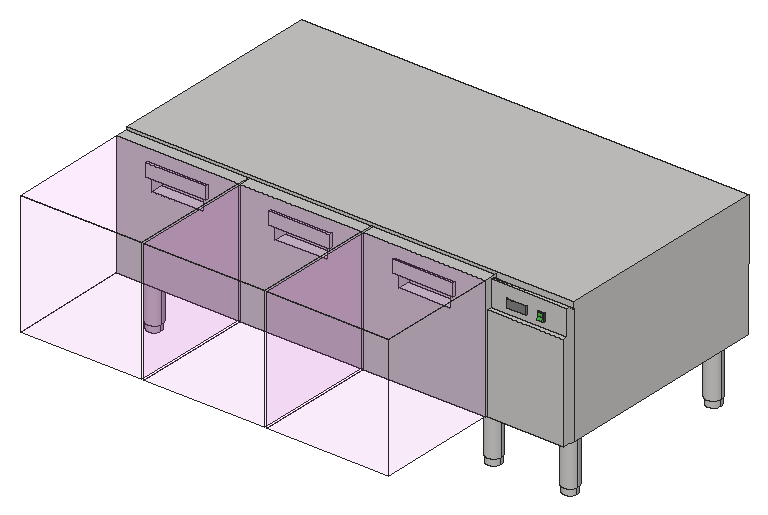
Revit family "QF_ELECTROLUXPROFESSIONAL_391604_E9TTAPCOMKN", category Specialty Equipment, Revit 2018
Family settings
  Round Connector Dimension = Use Diameter
  Part Type = Normal
  Work Plane-Based = No
  Always vertical = Yes
  Cut with Voids When Loaded = No
  Shared = No
  Room Calculation Point = No
Parameters
  Weight = 110.00 kg
  Watts = 0 W
  Volts = 0 V
  URL Manufacturer = ""
  URL = ""
  Steam Supply Size = 0 mm
  Steam Supply Minimum Pressure = 0.0 Pa
  Steam Supply Maximum Pressure = 0.0 Pa
  Steam Pounds per Hour = 0
  Refrigeration Suction Line Size = 0 mm
  Refrigeration Liquid Line Size = 0 mm
  Refrigerant Compressor Remote = yes
  Manufacturer = ""
  Phase = 0
  Model = ""
  Length Actual = 1600 mm  # constant formula
  Item Number = ""
  Hot Water Size = 0 mm
  Height Actual = 600 mm  # constant formula
  HP = "0.5 HP"
  Gas Size = 0 mm
  Gas KW = 0
  Gas Input Pressure = 0 W
  Direct Waste Size = 12.7 mm
  Description = ""
  Depth Actual = 830 mm  # constant formula
  Cycle = 0 Hz
  Condensate Return Size = 0 mm
  Compressed Air Volume = 0.0 L/s
  Compressed Air Size = 0 mm
  Compressed Air Pressure = 0.0 Pa
  Cold Water Size = 0 mm
  Accessory = yes
Reference planes
  plane 1 "Center X": y = 0
  plane 2: z = 0
  plane 3 "Centro (Sinistra/Destra)": x = 0
  plane 4: z = 200
  plane 5 "TOP": z = 650
  plane 6 "BACK": y = 450
  plane 7 "FRONT": y = -450
  plane 8 "LEFT": x = -800
  plane 9 "RIGHT": x = 800
  plane 10: y = -403
  plane 11: y = -448
  plane 12: x = -745
  plane 13: x = 745
  plane 14: x = 471
  plane 15: y = 292
  plane 16: y = -350
  plane 17: x = 286
  plane 18: x = -799
  plane 19: x = 799
  plane 20: y = 290
  plane 21: x = 760
  plane 22: y = 380
Forms (mm)
  Extrusion 1, solid, material "QF_Finishes_Stainless Steel"
    sketch origin (0, 0, 650) x (-1, 0, 0) y (0, -1, 0)
      loop
        line (799, -380) -> (799, 403) -> (-799, 403) -> (-799, -380) -> (799, -380)
    from -450 to 0
  Extrusion 2, solid, material "QF_Finishes_Stainless Steel"
    sketch origin (196, -342.999, 0) x (-1, 0, 0) y (0, 0, 1)
      loop
        line (995, 201.587) -> (995, 640.994) -> (560.999, 640.994) -> (560.999, 201.587) -> (995, 201.587)
      loop
        line (871.3, 506.706) -> (871.3, 585) -> (684.699, 585) -> (684.699, 506.706) -> (871.3, 506.706)
    from -105.001 to -60.001
  Extrusion 3, solid, material "QF_Door-Drawer Clearances"
    sketch origin (196, -448, 0) x (1, 0, 0) y (0, 0, 1)
      loop
        line (-995, 640.994) -> (-995, 201.587) -> (-560.999, 201.587) -> (-560.999, 640.994) -> (-995, 640.994)
    from 0 to 434
  Extrusion 4, solid, material "QF_Finishes_Stainless Steel"
    sketch origin (196, -448, 0) x (1, 0, 0) y (0, 0, 1)
      loop
        line (-886.3, 598.969) -> (-886.3, 553.969) -> (-669.699, 553.969) -> (-669.699, 598.969) -> (-886.3, 598.969)
    from 0 to 10
  Extrusion 5, solid, material "QF_Finishes_Stainless Steel"
    sketch origin (0, -30, 0) x (1, 0, 0) y (0, 1, 0)
      loop
        circle (760, 290) r 6
    from 189.987 to 200
  Extrusion 6, solid, material "QF_Finishes_Stainless Steel"
    sketch origin (799, -33.449, 0) x (0, 1, 0) y (0, 0, 1)
      loop
        line (-369.551, 629.527) -> (-386.314, 640.994) -> (-397.65, 640.994) -> (-397.65, 549.796) -> (-414.551, 549.796) -> (-414.551, 204.796) -> (-384.714, 204.796) -> (-374.993, 200) -> (-369.551, 200) -> (-369.551, 629.527)
    from 0 to -271
  Extrusion 7, solid, material "QF_Finishes_Black"
    sketch origin (783, -431.099, 630.994) x (0, 0, -1) y (1, 0, 0)
      loop
        line (32.198, -86.899) -> (61.199, -86.899) -> (61.199, -64.9) -> (32.198, -64.9) -> (32.198, -86.899)
    from 0 to 1.6
  Extrusion 8, solid, material "QF_Finishes_Grey"
    sketch origin (789, -431.099, 630.994) x (0, 0, -1) y (1, 0, 0)
      loop
        line (32.198, -206.099) -> (61.199, -206.099) -> (61.199, -136.099) -> (32.198, -136.099) -> (32.198, -206.099)
    from 0 to 1.6
  Extrusion 9, solid, material "QF_Finishes_Green"
    sketch origin (718.1, -431.099, 598.796) x (0, 0, -1) y (0, 1, 0)
      loop
        line (2.279, -3.281) -> (14.5, -3.281) -> (25.308, -8.985)
        arc (25.308, -8.985) -> (26.537, -5.394) -> (26.605, -1.6) r 12.221
        line (26.605, -1.6) -> (2.395, -1.6)
        arc (2.395, -1.6) -> (2.308, -2.439) -> (2.279, -3.281) r 12.221
    from -20 to -2
  Extrusion 10, solid, material "QF_Finishes_Stainless Steel"
    sketch origin (640.331, -442.999, 0) x (-1, 0, 0) y (0, 0, 1)
      loop
        line (997, 201.587) -> (997, 640.994) -> (563, 640.994) -> (563, 201.587) -> (997, 201.587)
      loop
        line (873.3, 506.706) -> (873.3, 585) -> (686.699, 585) -> (686.699, 506.706) -> (873.3, 506.706)
    from -5.001 to 39.999
  Extrusion 11, solid, material "QF_Door-Drawer Clearances"
    sketch origin (640.331, -448, 0) x (1, 0, 0) y (0, 0, 1)
      loop
        line (-997, 640.994) -> (-997, 201.587) -> (-563, 201.587) -> (-563, 640.994) -> (-997, 640.994)
    from 0 to 434
  Extrusion 12, solid, material "QF_Finishes_Stainless Steel"
    sketch origin (640.331, -448, 0) x (1, 0, 0) y (0, 0, 1)
      loop
        line (-888.3, 598.969) -> (-888.3, 553.969) -> (-671.699, 553.969) -> (-671.699, 598.969) -> (-888.3, 598.969)
    from 0 to 10
  Extrusion 13, solid, material "QF_Finishes_Stainless Steel"
    sketch origin (1073.161, -442.999, 0) x (-1, 0, 0) y (0, 0, 1)
      loop
        line (553.5, 201.587) -> (987.5, 201.587) -> (987.5, 640.994) -> (553.5, 640.994) -> (553.5, 201.587)
      loop
        line (863.8, 506.706) -> (863.8, 585) -> (677.199, 585) -> (677.199, 506.706) -> (863.8, 506.706)
    from -5.001 to 39.999
  Extrusion 14, solid, material "QF_Door-Drawer Clearances"
    sketch origin (1073.161, -448, 0) x (1, 0, 0) y (0, 0, 1)
      loop
        line (-553.5, 640.994) -> (-987.5, 640.994) -> (-987.5, 201.587) -> (-553.5, 201.587) -> (-553.5, 640.994)
    from 0 to 434
  Extrusion 15, solid, material "QF_Finishes_Stainless Steel"
    sketch origin (1073.161, -448, 0) x (1, 0, 0) y (0, 0, 1)
      loop
        line (-878.8, 598.969) -> (-878.8, 553.969) -> (-662.199, 553.969) -> (-662.199, 598.969) -> (-878.8, 598.969)
    from 0 to 10
Lines and regions (mm)
  Split face 1
    outline origin (789, -432.699, 630.994) x (0, 0, -1) y (1, 0, 0)
      loop
        line (37.198, -196.099) -> (52.198, -196.099) -> (52.198, -146.099) -> (37.198, -146.099) -> (37.198, -196.099)
  Split face 2
    outline origin (789, -432.699, 630.994) x (0, 0, -1) y (1, 0, 0)
      loop
        circle (44.698, -143.099) r 1.2
  Split face 3
    outline origin (789, -432.699, 630.994) x (0, 0, -1) y (1, 0, 0)
      loop
        circle (39.698, -143.099) r 1.2
  Split face 4
    outline origin (789, -432.699, 630.994) x (0, 0, -1) y (1, 0, 0)
      loop
        circle (49.698, -143.099) r 1.2
  Split face 5
    outline origin (789, -432.699, 630.994) x (0, 0, -1) y (1, 0, 0)
      loop
        circle (39.698, -199.099) r 1.2
  Split face 6
    outline origin (789, -432.699, 630.994) x (0, 0, -1) y (1, 0, 0)
      loop
        circle (44.698, -199.099) r 1.2
  Split face 7
    outline origin (789, -432.699, 630.994) x (0, 0, -1) y (1, 0, 0)
      loop
        circle (49.698, -199.099) r 1.2
  Split face 8
    outline origin (789, -432.699, 630.994) x (0, 0, -1) y (1, 0, 0)
      loop
        line (59.151, -196.099) -> (59.151, -185.099) -> (54.151, -185.099) -> (54.151, -196.099) -> (59.151, -196.099)
  Split face 9
    outline origin (789, -432.699, 630.994) x (0, 0, -1) y (1, 0, 0)
      loop
        line (54.151, -183.099) -> (59.151, -183.099) -> (59.151, -172.099) -> (54.151, -172.099) -> (54.151, -183.099)
  Split face 10
    outline origin (802, -432.699, 630.994) x (0, 0, -1) y (1, 0, 0)
      loop
        line (54.151, -183.099) -> (59.151, -183.099) -> (59.151, -172.099) -> (54.151, -172.099) -> (54.151, -183.099)
  Split face 11
    outline origin (815, -432.699, 630.994) x (0, 0, -1) y (1, 0, 0)
      loop
        line (54.151, -183.099) -> (59.151, -183.099) -> (59.151, -172.099) -> (54.151, -172.099) -> (54.151, -183.099)
  Split face 12
    outline origin (799, -448, 412.291) x (0, 0, -1) y (1, 0, 0)
      loop
        arc (-85.025, -240.599) -> (-81.004, -236.61) -> (-85.004, -232.599) r 4
        line (-85.004, -232.599) -> (-117.004, -232.599)
        arc (-117.004, -232.599) -> (-121.004, -236.61) -> (-116.984, -240.599) r 4
        line (-116.984, -240.599) -> (-85.025, -240.599)
  Split face 13
    outline origin (811, -448, 412.291) x (0, 0, -1) y (1, 0, 0)
      loop
        arc (-85.025, -240.599) -> (-81.004, -236.61) -> (-85.004, -232.599) r 4
        line (-85.004, -232.599) -> (-117.004, -232.599)
        arc (-117.004, -232.599) -> (-121.004, -236.61) -> (-116.984, -240.599) r 4
        line (-116.984, -240.599) -> (-85.025, -240.599)
  Split face 14
    outline origin (823, -448, 412.291) x (0, 0, -1) y (1, 0, 0)
      loop
        arc (-85.025, -240.599) -> (-81.004, -236.61) -> (-85.004, -232.599) r 4
        line (-85.004, -232.599) -> (-117.004, -232.599)
        arc (-117.004, -232.599) -> (-121.004, -236.61) -> (-116.984, -240.599) r 4
        line (-116.984, -240.599) -> (-85.025, -240.599)
  Split face 15
    outline origin (834.897, -448, 412.291) x (0, 0, -1) y (1, 0, 0)
      loop
        arc (-85.025, -240.599) -> (-81.004, -236.61) -> (-85.004, -232.599) r 4
        line (-85.004, -232.599) -> (-117.004, -232.599)
        arc (-117.004, -232.599) -> (-121.004, -236.61) -> (-116.984, -240.599) r 4
        line (-116.984, -240.599) -> (-85.025, -240.599)
  Split face 16
    outline origin (846.896, -448, 412.291) x (0, 0, -1) y (1, 0, 0)
      loop
        arc (-85.025, -240.599) -> (-81.004, -236.61) -> (-85.004, -232.599) r 4
        line (-85.004, -232.599) -> (-117.004, -232.599)
        arc (-117.004, -232.599) -> (-121.004, -236.61) -> (-116.984, -240.599) r 4
        line (-116.984, -240.599) -> (-85.025, -240.599)
  Split face 17
    outline origin (858.896, -448, 412.291) x (0, 0, -1) y (1, 0, 0)
      loop
        arc (-85.025, -240.599) -> (-81.004, -236.61) -> (-85.004, -232.599) r 4
        line (-85.004, -232.599) -> (-117.004, -232.599)
        arc (-117.004, -232.599) -> (-121.004, -236.61) -> (-116.984, -240.599) r 4
        line (-116.984, -240.599) -> (-85.025, -240.599)
  Split face 18
    outline origin (870.896, -448, 412.291) x (0, 0, -1) y (1, 0, 0)
      loop
        arc (-85.025, -240.599) -> (-81.004, -236.61) -> (-85.004, -232.599) r 4
        line (-85.004, -232.599) -> (-117.004, -232.599)
        arc (-117.004, -232.599) -> (-121.004, -236.61) -> (-116.984, -240.599) r 4
        line (-116.984, -240.599) -> (-85.025, -240.599)
  Split face 19
    outline origin (882.897, -448, 412.291) x (0, 0, -1) y (1, 0, 0)
      loop
        arc (-85.025, -240.599) -> (-81.004, -236.61) -> (-85.004, -232.599) r 4
        line (-85.004, -232.599) -> (-117.004, -232.599)
        arc (-117.004, -232.599) -> (-121.004, -236.61) -> (-116.984, -240.599) r 4
        line (-116.984, -240.599) -> (-85.025, -240.599)
  Split face 20
    outline origin (894.896, -448, 412.291) x (0, 0, -1) y (1, 0, 0)
      loop
        arc (-85.025, -240.599) -> (-81.004, -236.61) -> (-85.004, -232.599) r 4
        line (-85.004, -232.599) -> (-117.004, -232.599)
        arc (-117.004, -232.599) -> (-121.004, -236.61) -> (-116.984, -240.599) r 4
        line (-116.984, -240.599) -> (-85.025, -240.599)
  Split face 21
    outline origin (906.896, -448, 412.291) x (0, 0, -1) y (1, 0, 0)
      loop
        arc (-85.025, -242.399) -> (-81.004, -238.41) -> (-85.004, -234.4) r 4
        line (-85.004, -234.4) -> (-117.004, -234.4)
        arc (-117.004, -234.4) -> (-121.004, -238.41) -> (-116.984, -242.399) r 4
        line (-116.984, -242.399) -> (-85.025, -242.399)
  Split face 22
    outline origin (918.896, -448, 412.291) x (0, 0, -1) y (1, 0, 0)
      loop
        arc (-85.025, -242.399) -> (-81.004, -238.41) -> (-85.004, -234.4) r 4
        line (-85.004, -234.4) -> (-117.004, -234.4)
        arc (-117.004, -234.4) -> (-121.004, -238.41) -> (-116.984, -242.399) r 4
        line (-116.984, -242.399) -> (-85.025, -242.399)
  Split face 23
    outline origin (930.896, -448, 412.291) x (0, 0, -1) y (1, 0, 0)
      loop
        arc (-85.025, -242.399) -> (-81.004, -238.41) -> (-85.004, -234.4) r 4
        line (-85.004, -234.4) -> (-117.004, -234.4)
        arc (-117.004, -234.4) -> (-121.004, -238.41) -> (-116.984, -242.399) r 4
        line (-116.984, -242.399) -> (-85.025, -242.399)
  Split face 24
    outline origin (942.896, -448, 412.291) x (0, 0, -1) y (1, 0, 0)
      loop
        arc (-85.025, -242.399) -> (-81.004, -238.41) -> (-85.004, -234.4) r 4
        line (-85.004, -234.4) -> (-117.004, -234.4)
        arc (-117.004, -234.4) -> (-121.004, -238.41) -> (-116.984, -242.399) r 4
        line (-116.984, -242.399) -> (-85.025, -242.399)
  Split face 25
    outline origin (954.896, -448, 412.291) x (0, 0, -1) y (1, 0, 0)
      loop
        arc (-85.025, -242.399) -> (-81.004, -238.41) -> (-85.004, -234.4) r 4
        line (-85.004, -234.4) -> (-117.004, -234.4)
        arc (-117.004, -234.4) -> (-121.004, -238.41) -> (-116.984, -242.399) r 4
        line (-116.984, -242.399) -> (-85.025, -242.399)
  Split face 26
    outline origin (966.896, -448, 412.291) x (0, 0, -1) y (1, 0, 0)
      loop
        arc (-85.025, -242.399) -> (-81.004, -238.41) -> (-85.004, -234.4) r 4
        line (-85.004, -234.4) -> (-117.004, -234.4)
        arc (-117.004, -234.4) -> (-121.004, -238.41) -> (-116.984, -242.399) r 4
        line (-116.984, -242.399) -> (-85.025, -242.399)
  Split face 27
    outline origin (978.896, -448, 412.291) x (0, 0, -1) y (1, 0, 0)
      loop
        arc (-85.025, -242.399) -> (-81.004, -238.41) -> (-85.004, -234.4) r 4
        line (-85.004, -234.4) -> (-117.004, -234.4)
        arc (-117.004, -234.4) -> (-121.004, -238.41) -> (-116.984, -242.399) r 4
        line (-116.984, -242.399) -> (-85.025, -242.399)
  Split face 28
    outline origin (990.896, -448, 412.291) x (0, 0, -1) y (1, 0, 0)
      loop
        arc (-85.025, -242.399) -> (-81.004, -238.41) -> (-85.004, -234.4) r 4
        line (-85.004, -234.4) -> (-117.004, -234.4)
        arc (-117.004, -234.4) -> (-121.004, -238.41) -> (-116.984, -242.399) r 4
        line (-116.984, -242.399) -> (-85.025, -242.399)
  Split face 29
    outline origin (1002.896, -448, 412.291) x (0, 0, -1) y (1, 0, 0)
      loop
        arc (-85.025, -242.399) -> (-81.004, -238.41) -> (-85.004, -234.4) r 4
        line (-85.004, -234.4) -> (-117.004, -234.4)
        arc (-117.004, -234.4) -> (-121.004, -238.41) -> (-116.984, -242.399) r 4
        line (-116.984, -242.399) -> (-85.025, -242.399)
  Split face 30
    outline origin (1014.896, -448, 412.291) x (0, 0, -1) y (1, 0, 0)
      loop
        arc (-85.025, -242.399) -> (-81.004, -238.41) -> (-85.004, -234.4) r 4
        line (-85.004, -234.4) -> (-117.004, -234.4)
        arc (-117.004, -234.4) -> (-121.004, -238.41) -> (-116.984, -242.399) r 4
        line (-116.984, -242.399) -> (-85.025, -242.399)
  Split face 31
    outline origin (787, -448, 412.291) x (0, 0, -1) y (1, 0, 0)
      loop
        arc (-85.025, -240.599) -> (-81.004, -236.61) -> (-85.004, -232.599) r 4
        line (-85.004, -232.599) -> (-117.004, -232.599)
        arc (-117.004, -232.599) -> (-121.004, -236.61) -> (-116.984, -240.599) r 4
        line (-116.984, -240.599) -> (-85.025, -240.599)
  Split face 32
    outline origin (799, -448, 367.29) x (0, 0, -1) y (1, 0, 0)
      loop
        arc (-85.025, -240.599) -> (-81.004, -236.61) -> (-85.004, -232.599) r 4
        line (-85.004, -232.599) -> (-117.004, -232.599)
        arc (-117.004, -232.599) -> (-121.004, -236.61) -> (-116.984, -240.599) r 4
        line (-116.984, -240.599) -> (-85.025, -240.599)
  Split face 33
    outline origin (811, -448, 367.29) x (0, 0, -1) y (1, 0, 0)
      loop
        arc (-85.025, -240.599) -> (-81.004, -236.61) -> (-85.004, -232.599) r 4
        line (-85.004, -232.599) -> (-117.004, -232.599)
        arc (-117.004, -232.599) -> (-121.004, -236.61) -> (-116.984, -240.599) r 4
        line (-116.984, -240.599) -> (-85.025, -240.599)
  Split face 34
    outline origin (823, -448, 367.29) x (0, 0, -1) y (1, 0, 0)
      loop
        arc (-85.025, -240.599) -> (-81.004, -236.61) -> (-85.004, -232.599) r 4
        line (-85.004, -232.599) -> (-117.004, -232.599)
        arc (-117.004, -232.599) -> (-121.004, -236.61) -> (-116.984, -240.599) r 4
        line (-116.984, -240.599) -> (-85.025, -240.599)
  Split face 35
    outline origin (834.897, -448, 367.29) x (0, 0, -1) y (1, 0, 0)
      loop
        arc (-85.025, -240.599) -> (-81.004, -236.61) -> (-85.004, -232.599) r 4
        line (-85.004, -232.599) -> (-117.004, -232.599)
        arc (-117.004, -232.599) -> (-121.004, -236.61) -> (-116.984, -240.599) r 4
        line (-116.984, -240.599) -> (-85.025, -240.599)
  Split face 36
    outline origin (846.896, -448, 367.29) x (0, 0, -1) y (1, 0, 0)
      loop
        arc (-85.025, -240.599) -> (-81.004, -236.61) -> (-85.004, -232.599) r 4
        line (-85.004, -232.599) -> (-117.004, -232.599)
        arc (-117.004, -232.599) -> (-121.004, -236.61) -> (-116.984, -240.599) r 4
        line (-116.984, -240.599) -> (-85.025, -240.599)
  Split face 37
    outline origin (858.896, -448, 367.29) x (0, 0, -1) y (1, 0, 0)
      loop
        arc (-85.025, -240.599) -> (-81.004, -236.61) -> (-85.004, -232.599) r 4
        line (-85.004, -232.599) -> (-117.004, -232.599)
        arc (-117.004, -232.599) -> (-121.004, -236.61) -> (-116.984, -240.599) r 4
        line (-116.984, -240.599) -> (-85.025, -240.599)
  Split face 38
    outline origin (870.896, -448, 367.29) x (0, 0, -1) y (1, 0, 0)
      loop
        arc (-85.025, -240.599) -> (-81.004, -236.61) -> (-85.004, -232.599) r 4
        line (-85.004, -232.599) -> (-117.004, -232.599)
        arc (-117.004, -232.599) -> (-121.004, -236.61) -> (-116.984, -240.599) r 4
        line (-116.984, -240.599) -> (-85.025, -240.599)
  Split face 39
    outline origin (882.897, -448, 367.29) x (0, 0, -1) y (1, 0, 0)
      loop
        arc (-85.025, -240.599) -> (-81.004, -236.61) -> (-85.004, -232.599) r 4
        line (-85.004, -232.599) -> (-117.004, -232.599)
        arc (-117.004, -232.599) -> (-121.004, -236.61) -> (-116.984, -240.599) r 4
        line (-116.984, -240.599) -> (-85.025, -240.599)
  Split face 40
    outline origin (894.896, -448, 367.29) x (0, 0, -1) y (1, 0, 0)
      loop
        arc (-85.025, -240.599) -> (-81.004, -236.61) -> (-85.004, -232.599) r 4
        line (-85.004, -232.599) -> (-117.004, -232.599)
        arc (-117.004, -232.599) -> (-121.004, -236.61) -> (-116.984, -240.599) r 4
        line (-116.984, -240.599) -> (-85.025, -240.599)
  Split face 41
    outline origin (906.896, -448, 367.29) x (0, 0, -1) y (1, 0, 0)
      loop
        arc (-85.025, -242.399) -> (-81.004, -238.41) -> (-85.004, -234.4) r 4
        line (-85.004, -234.4) -> (-117.004, -234.4)
        arc (-117.004, -234.4) -> (-121.004, -238.41) -> (-116.984, -242.399) r 4
        line (-116.984, -242.399) -> (-85.025, -242.399)
  Split face 42
    outline origin (918.896, -448, 367.29) x (0, 0, -1) y (1, 0, 0)
      loop
        arc (-85.025, -242.399) -> (-81.004, -238.41) -> (-85.004, -234.4) r 4
        line (-85.004, -234.4) -> (-117.004, -234.4)
        arc (-117.004, -234.4) -> (-121.004, -238.41) -> (-116.984, -242.399) r 4
        line (-116.984, -242.399) -> (-85.025, -242.399)
  Split face 43
    outline origin (930.896, -448, 367.29) x (0, 0, -1) y (1, 0, 0)
      loop
        arc (-85.025, -242.399) -> (-81.004, -238.41) -> (-85.004, -234.4) r 4
        line (-85.004, -234.4) -> (-117.004, -234.4)
        arc (-117.004, -234.4) -> (-121.004, -238.41) -> (-116.984, -242.399) r 4
        line (-116.984, -242.399) -> (-85.025, -242.399)
  Split face 44
    outline origin (942.896, -448, 367.29) x (0, 0, -1) y (1, 0, 0)
      loop
        arc (-85.025, -242.399) -> (-81.004, -238.41) -> (-85.004, -234.4) r 4
        line (-85.004, -234.4) -> (-117.004, -234.4)
        arc (-117.004, -234.4) -> (-121.004, -238.41) -> (-116.984, -242.399) r 4
        line (-116.984, -242.399) -> (-85.025, -242.399)
  Split face 45
    outline origin (954.896, -448, 367.29) x (0, 0, -1) y (1, 0, 0)
      loop
        arc (-85.025, -242.399) -> (-81.004, -238.41) -> (-85.004, -234.4) r 4
        line (-85.004, -234.4) -> (-117.004, -234.4)
        arc (-117.004, -234.4) -> (-121.004, -238.41) -> (-116.984, -242.399) r 4
        line (-116.984, -242.399) -> (-85.025, -242.399)
  Split face 46
    outline origin (966.896, -448, 367.29) x (0, 0, -1) y (1, 0, 0)
      loop
        arc (-85.025, -242.399) -> (-81.004, -238.41) -> (-85.004, -234.4) r 4
        line (-85.004, -234.4) -> (-117.004, -234.4)
        arc (-117.004, -234.4) -> (-121.004, -238.41) -> (-116.984, -242.399) r 4
        line (-116.984, -242.399) -> (-85.025, -242.399)
  Split face 47
    outline origin (978.896, -448, 367.29) x (0, 0, -1) y (1, 0, 0)
      loop
        arc (-85.025, -242.399) -> (-81.004, -238.41) -> (-85.004, -234.4) r 4
        line (-85.004, -234.4) -> (-117.004, -234.4)
        arc (-117.004, -234.4) -> (-121.004, -238.41) -> (-116.984, -242.399) r 4
        line (-116.984, -242.399) -> (-85.025, -242.399)
  Split face 48
    outline origin (990.896, -448, 367.29) x (0, 0, -1) y (1, 0, 0)
      loop
        arc (-85.025, -242.399) -> (-81.004, -238.41) -> (-85.004, -234.4) r 4
        line (-85.004, -234.4) -> (-117.004, -234.4)
        arc (-117.004, -234.4) -> (-121.004, -238.41) -> (-116.984, -242.399) r 4
        line (-116.984, -242.399) -> (-85.025, -242.399)
  Split face 49
    outline origin (1002.896, -448, 367.29) x (0, 0, -1) y (1, 0, 0)
      loop
        arc (-85.025, -242.399) -> (-81.004, -238.41) -> (-85.004, -234.4) r 4
        line (-85.004, -234.4) -> (-117.004, -234.4)
        arc (-117.004, -234.4) -> (-121.004, -238.41) -> (-116.984, -242.399) r 4
        line (-116.984, -242.399) -> (-85.025, -242.399)
  Split face 50
    outline origin (1014.896, -448, 367.29) x (0, 0, -1) y (1, 0, 0)
      loop
        arc (-85.025, -242.399) -> (-81.004, -238.41) -> (-85.004, -234.4) r 4
        line (-85.004, -234.4) -> (-117.004, -234.4)
        arc (-117.004, -234.4) -> (-121.004, -238.41) -> (-116.984, -242.399) r 4
        line (-116.984, -242.399) -> (-85.025, -242.399)
  Split face 51
    outline origin (787, -448, 367.29) x (0, 0, -1) y (1, 0, 0)
      loop
        arc (-85.025, -240.599) -> (-81.004, -236.61) -> (-85.004, -232.599) r 4
        line (-85.004, -232.599) -> (-117.004, -232.599)
        arc (-117.004, -232.599) -> (-121.004, -236.61) -> (-116.984, -240.599) r 4
        line (-116.984, -240.599) -> (-85.025, -240.599)
  Split face 52
    outline origin (799, -448, 322.29) x (0, 0, -1) y (1, 0, 0)
      loop
        arc (-85.025, -240.599) -> (-81.004, -236.61) -> (-85.004, -232.599) r 4
        line (-85.004, -232.599) -> (-117.004, -232.599)
        arc (-117.004, -232.599) -> (-121.004, -236.61) -> (-116.984, -240.599) r 4
        line (-116.984, -240.599) -> (-85.025, -240.599)
  Split face 53
    outline origin (811, -448, 322.29) x (0, 0, -1) y (1, 0, 0)
      loop
        arc (-85.025, -240.599) -> (-81.004, -236.61) -> (-85.004, -232.599) r 4
        line (-85.004, -232.599) -> (-117.004, -232.599)
        arc (-117.004, -232.599) -> (-121.004, -236.61) -> (-116.984, -240.599) r 4
        line (-116.984, -240.599) -> (-85.025, -240.599)
  Split face 54
    outline origin (823, -448, 322.29) x (0, 0, -1) y (1, 0, 0)
      loop
        arc (-85.025, -240.599) -> (-81.004, -236.61) -> (-85.004, -232.599) r 4
        line (-85.004, -232.599) -> (-117.004, -232.599)
        arc (-117.004, -232.599) -> (-121.004, -236.61) -> (-116.984, -240.599) r 4
        line (-116.984, -240.599) -> (-85.025, -240.599)
  Split face 55
    outline origin (834.897, -448, 322.29) x (0, 0, -1) y (1, 0, 0)
      loop
        arc (-85.025, -240.599) -> (-81.004, -236.61) -> (-85.004, -232.599) r 4
        line (-85.004, -232.599) -> (-117.004, -232.599)
        arc (-117.004, -232.599) -> (-121.004, -236.61) -> (-116.984, -240.599) r 4
        line (-116.984, -240.599) -> (-85.025, -240.599)
  Split face 56
    outline origin (846.896, -448, 322.29) x (0, 0, -1) y (1, 0, 0)
      loop
        arc (-85.025, -240.599) -> (-81.004, -236.61) -> (-85.004, -232.599) r 4
        line (-85.004, -232.599) -> (-117.004, -232.599)
        arc (-117.004, -232.599) -> (-121.004, -236.61) -> (-116.984, -240.599) r 4
        line (-116.984, -240.599) -> (-85.025, -240.599)
  Split face 57
    outline origin (858.896, -448, 322.29) x (0, 0, -1) y (1, 0, 0)
      loop
        arc (-85.025, -240.599) -> (-81.004, -236.61) -> (-85.004, -232.599) r 4
        line (-85.004, -232.599) -> (-117.004, -232.599)
        arc (-117.004, -232.599) -> (-121.004, -236.61) -> (-116.984, -240.599) r 4
        line (-116.984, -240.599) -> (-85.025, -240.599)
  Split face 58
    outline origin (870.896, -448, 322.29) x (0, 0, -1) y (1, 0, 0)
      loop
        arc (-85.025, -240.599) -> (-81.004, -236.61) -> (-85.004, -232.599) r 4
        line (-85.004, -232.599) -> (-117.004, -232.599)
        arc (-117.004, -232.599) -> (-121.004, -236.61) -> (-116.984, -240.599) r 4
        line (-116.984, -240.599) -> (-85.025, -240.599)
  Split face 59
    outline origin (882.897, -448, 322.29) x (0, 0, -1) y (1, 0, 0)
      loop
        arc (-85.025, -240.599) -> (-81.004, -236.61) -> (-85.004, -232.599) r 4
        line (-85.004, -232.599) -> (-117.004, -232.599)
        arc (-117.004, -232.599) -> (-121.004, -236.61) -> (-116.984, -240.599) r 4
        line (-116.984, -240.599) -> (-85.025, -240.599)
  Split face 60
    outline origin (894.896, -448, 322.29) x (0, 0, -1) y (1, 0, 0)
      loop
        arc (-85.025, -240.599) -> (-81.004, -236.61) -> (-85.004, -232.599) r 4
        line (-85.004, -232.599) -> (-117.004, -232.599)
        arc (-117.004, -232.599) -> (-121.004, -236.61) -> (-116.984, -240.599) r 4
        line (-116.984, -240.599) -> (-85.025, -240.599)
  Split face 61
    outline origin (906.896, -448, 322.29) x (0, 0, -1) y (1, 0, 0)
      loop
        arc (-85.025, -242.399) -> (-81.004, -238.41) -> (-85.004, -234.4) r 4
        line (-85.004, -234.4) -> (-117.004, -234.4)
        arc (-117.004, -234.4) -> (-121.004, -238.41) -> (-116.984, -242.399) r 4
        line (-116.984, -242.399) -> (-85.025, -242.399)
  Split face 62
    outline origin (918.896, -448, 322.29) x (0, 0, -1) y (1, 0, 0)
      loop
        arc (-85.025, -242.399) -> (-81.004, -238.41) -> (-85.004, -234.4) r 4
        line (-85.004, -234.4) -> (-117.004, -234.4)
        arc (-117.004, -234.4) -> (-121.004, -238.41) -> (-116.984, -242.399) r 4
        line (-116.984, -242.399) -> (-85.025, -242.399)
  Split face 63
    outline origin (930.896, -448, 322.29) x (0, 0, -1) y (1, 0, 0)
      loop
        arc (-85.025, -242.399) -> (-81.004, -238.41) -> (-85.004, -234.4) r 4
        line (-85.004, -234.4) -> (-117.004, -234.4)
        arc (-117.004, -234.4) -> (-121.004, -238.41) -> (-116.984, -242.399) r 4
        line (-116.984, -242.399) -> (-85.025, -242.399)
  Split face 64
    outline origin (942.896, -448, 322.29) x (0, 0, -1) y (1, 0, 0)
      loop
        arc (-85.025, -242.399) -> (-81.004, -238.41) -> (-85.004, -234.4) r 4
        line (-85.004, -234.4) -> (-117.004, -234.4)
        arc (-117.004, -234.4) -> (-121.004, -238.41) -> (-116.984, -242.399) r 4
        line (-116.984, -242.399) -> (-85.025, -242.399)
  Split face 65
    outline origin (954.896, -448, 322.29) x (0, 0, -1) y (1, 0, 0)
      loop
        arc (-85.025, -242.399) -> (-81.004, -238.41) -> (-85.004, -234.4) r 4
        line (-85.004, -234.4) -> (-117.004, -234.4)
        arc (-117.004, -234.4) -> (-121.004, -238.41) -> (-116.984, -242.399) r 4
        line (-116.984, -242.399) -> (-85.025, -242.399)
  Split face 66
    outline origin (966.896, -448, 322.29) x (0, 0, -1) y (1, 0, 0)
      loop
        arc (-85.025, -242.399) -> (-81.004, -238.41) -> (-85.004, -234.4) r 4
        line (-85.004, -234.4) -> (-117.004, -234.4)
        arc (-117.004, -234.4) -> (-121.004, -238.41) -> (-116.984, -242.399) r 4
        line (-116.984, -242.399) -> (-85.025, -242.399)
  Split face 67
    outline origin (978.896, -448, 322.29) x (0, 0, -1) y (1, 0, 0)
      loop
        arc (-85.025, -242.399) -> (-81.004, -238.41) -> (-85.004, -234.4) r 4
        line (-85.004, -234.4) -> (-117.004, -234.4)
        arc (-117.004, -234.4) -> (-121.004, -238.41) -> (-116.984, -242.399) r 4
        line (-116.984, -242.399) -> (-85.025, -242.399)
  Split face 68
    outline origin (990.896, -448, 322.29) x (0, 0, -1) y (1, 0, 0)
      loop
        arc (-85.025, -242.399) -> (-81.004, -238.41) -> (-85.004, -234.4) r 4
        line (-85.004, -234.4) -> (-117.004, -234.4)
        arc (-117.004, -234.4) -> (-121.004, -238.41) -> (-116.984, -242.399) r 4
        line (-116.984, -242.399) -> (-85.025, -242.399)
  Split face 69
    outline origin (1002.896, -448, 322.29) x (0, 0, -1) y (1, 0, 0)
      loop
        arc (-85.025, -242.399) -> (-81.004, -238.41) -> (-85.004, -234.4) r 4
        line (-85.004, -234.4) -> (-117.004, -234.4)
        arc (-117.004, -234.4) -> (-121.004, -238.41) -> (-116.984, -242.399) r 4
        line (-116.984, -242.399) -> (-85.025, -242.399)
  Split face 70
    outline origin (1014.896, -448, 322.29) x (0, 0, -1) y (1, 0, 0)
      loop
        arc (-85.025, -242.399) -> (-81.004, -238.41) -> (-85.004, -234.4) r 4
        line (-85.004, -234.4) -> (-117.004, -234.4)
        arc (-117.004, -234.4) -> (-121.004, -238.41) -> (-116.984, -242.399) r 4
        line (-116.984, -242.399) -> (-85.025, -242.399)
  Split face 71
    outline origin (787, -448, 322.29) x (0, 0, -1) y (1, 0, 0)
      loop
        arc (-85.025, -240.599) -> (-81.004, -236.61) -> (-85.004, -232.599) r 4
        line (-85.004, -232.599) -> (-117.004, -232.599)
        arc (-117.004, -232.599) -> (-121.004, -236.61) -> (-116.984, -240.599) r 4
        line (-116.984, -240.599) -> (-85.025, -240.599)
  Split face 72
    outline origin (799, -448, 277.29) x (0, 0, -1) y (1, 0, 0)
      loop
        arc (-85.025, -240.599) -> (-81.004, -236.61) -> (-85.004, -232.599) r 4
        line (-85.004, -232.599) -> (-117.004, -232.599)
        arc (-117.004, -232.599) -> (-121.004, -236.61) -> (-116.984, -240.599) r 4
        line (-116.984, -240.599) -> (-85.025, -240.599)
  Split face 73
    outline origin (811, -448, 277.29) x (0, 0, -1) y (1, 0, 0)
      loop
        arc (-85.025, -240.599) -> (-81.004, -236.61) -> (-85.004, -232.599) r 4
        line (-85.004, -232.599) -> (-117.004, -232.599)
        arc (-117.004, -232.599) -> (-121.004, -236.61) -> (-116.984, -240.599) r 4
        line (-116.984, -240.599) -> (-85.025, -240.599)
  Split face 74
    outline origin (823, -448, 277.29) x (0, 0, -1) y (1, 0, 0)
      loop
        arc (-85.025, -240.599) -> (-81.004, -236.61) -> (-85.004, -232.599) r 4
        line (-85.004, -232.599) -> (-117.004, -232.599)
        arc (-117.004, -232.599) -> (-121.004, -236.61) -> (-116.984, -240.599) r 4
        line (-116.984, -240.599) -> (-85.025, -240.599)
  Split face 75
    outline origin (834.897, -448, 277.29) x (0, 0, -1) y (1, 0, 0)
      loop
        arc (-85.025, -240.599) -> (-81.004, -236.61) -> (-85.004, -232.599) r 4
        line (-85.004, -232.599) -> (-117.004, -232.599)
        arc (-117.004, -232.599) -> (-121.004, -236.61) -> (-116.984, -240.599) r 4
        line (-116.984, -240.599) -> (-85.025, -240.599)
  Split face 76
    outline origin (846.896, -448, 277.29) x (0, 0, -1) y (1, 0, 0)
      loop
        arc (-85.025, -240.599) -> (-81.004, -236.61) -> (-85.004, -232.599) r 4
        line (-85.004, -232.599) -> (-117.004, -232.599)
        arc (-117.004, -232.599) -> (-121.004, -236.61) -> (-116.984, -240.599) r 4
        line (-116.984, -240.599) -> (-85.025, -240.599)
  Split face 77
    outline origin (858.896, -448, 277.29) x (0, 0, -1) y (1, 0, 0)
      loop
        arc (-85.025, -240.599) -> (-81.004, -236.61) -> (-85.004, -232.599) r 4
        line (-85.004, -232.599) -> (-117.004, -232.599)
        arc (-117.004, -232.599) -> (-121.004, -236.61) -> (-116.984, -240.599) r 4
        line (-116.984, -240.599) -> (-85.025, -240.599)
  Split face 78
    outline origin (870.896, -448, 277.29) x (0, 0, -1) y (1, 0, 0)
      loop
        arc (-85.025, -240.599) -> (-81.004, -236.61) -> (-85.004, -232.599) r 4
        line (-85.004, -232.599) -> (-117.004, -232.599)
        arc (-117.004, -232.599) -> (-121.004, -236.61) -> (-116.984, -240.599) r 4
        line (-116.984, -240.599) -> (-85.025, -240.599)
  Split face 79
    outline origin (882.897, -448, 277.29) x (0, 0, -1) y (1, 0, 0)
      loop
        arc (-85.025, -240.599) -> (-81.004, -236.61) -> (-85.004, -232.599) r 4
        line (-85.004, -232.599) -> (-117.004, -232.599)
        arc (-117.004, -232.599) -> (-121.004, -236.61) -> (-116.984, -240.599) r 4
        line (-116.984, -240.599) -> (-85.025, -240.599)
  Split face 80
    outline origin (894.896, -448, 277.29) x (0, 0, -1) y (1, 0, 0)
      loop
        arc (-85.025, -240.599) -> (-81.004, -236.61) -> (-85.004, -232.599) r 4
        line (-85.004, -232.599) -> (-117.004, -232.599)
        arc (-117.004, -232.599) -> (-121.004, -236.61) -> (-116.984, -240.599) r 4
        line (-116.984, -240.599) -> (-85.025, -240.599)
  Split face 81
    outline origin (906.896, -448, 277.29) x (0, 0, -1) y (1, 0, 0)
      loop
        arc (-85.025, -242.399) -> (-81.004, -238.41) -> (-85.004, -234.4) r 4
        line (-85.004, -234.4) -> (-117.004, -234.4)
        arc (-117.004, -234.4) -> (-121.004, -238.41) -> (-116.984, -242.399) r 4
        line (-116.984, -242.399) -> (-85.025, -242.399)
  Split face 82
    outline origin (918.896, -448, 277.29) x (0, 0, -1) y (1, 0, 0)
      loop
        arc (-85.025, -242.399) -> (-81.004, -238.41) -> (-85.004, -234.4) r 4
        line (-85.004, -234.4) -> (-117.004, -234.4)
        arc (-117.004, -234.4) -> (-121.004, -238.41) -> (-116.984, -242.399) r 4
        line (-116.984, -242.399) -> (-85.025, -242.399)
  Split face 83
    outline origin (930.896, -448, 277.29) x (0, 0, -1) y (1, 0, 0)
      loop
        arc (-85.025, -242.399) -> (-81.004, -238.41) -> (-85.004, -234.4) r 4
        line (-85.004, -234.4) -> (-117.004, -234.4)
        arc (-117.004, -234.4) -> (-121.004, -238.41) -> (-116.984, -242.399) r 4
        line (-116.984, -242.399) -> (-85.025, -242.399)
  Split face 84
    outline origin (942.896, -448, 277.29) x (0, 0, -1) y (1, 0, 0)
      loop
        arc (-85.025, -242.399) -> (-81.004, -238.41) -> (-85.004, -234.4) r 4
        line (-85.004, -234.4) -> (-117.004, -234.4)
        arc (-117.004, -234.4) -> (-121.004, -238.41) -> (-116.984, -242.399) r 4
        line (-116.984, -242.399) -> (-85.025, -242.399)
  Split face 85
    outline origin (954.896, -448, 277.29) x (0, 0, -1) y (1, 0, 0)
      loop
        arc (-85.025, -242.399) -> (-81.004, -238.41) -> (-85.004, -234.4) r 4
        line (-85.004, -234.4) -> (-117.004, -234.4)
        arc (-117.004, -234.4) -> (-121.004, -238.41) -> (-116.984, -242.399) r 4
        line (-116.984, -242.399) -> (-85.025, -242.399)
  Split face 86
    outline origin (966.896, -448, 277.29) x (0, 0, -1) y (1, 0, 0)
      loop
        arc (-85.025, -242.399) -> (-81.004, -238.41) -> (-85.004, -234.4) r 4
        line (-85.004, -234.4) -> (-117.004, -234.4)
        arc (-117.004, -234.4) -> (-121.004, -238.41) -> (-116.984, -242.399) r 4
        line (-116.984, -242.399) -> (-85.025, -242.399)
  Split face 87
    outline origin (978.896, -448, 277.29) x (0, 0, -1) y (1, 0, 0)
      loop
        arc (-85.025, -242.399) -> (-81.004, -238.41) -> (-85.004, -234.4) r 4
        line (-85.004, -234.4) -> (-117.004, -234.4)
        arc (-117.004, -234.4) -> (-121.004, -238.41) -> (-116.984, -242.399) r 4
        line (-116.984, -242.399) -> (-85.025, -242.399)
  Split face 88
    outline origin (990.896, -448, 277.29) x (0, 0, -1) y (1, 0, 0)
      loop
        arc (-85.025, -242.399) -> (-81.004, -238.41) -> (-85.004, -234.4) r 4
        line (-85.004, -234.4) -> (-117.004, -234.4)
        arc (-117.004, -234.4) -> (-121.004, -238.41) -> (-116.984, -242.399) r 4
        line (-116.984, -242.399) -> (-85.025, -242.399)
  Split face 89
    outline origin (1002.896, -448, 277.29) x (0, 0, -1) y (1, 0, 0)
      loop
        arc (-85.025, -242.399) -> (-81.004, -238.41) -> (-85.004, -234.4) r 4
        line (-85.004, -234.4) -> (-117.004, -234.4)
        arc (-117.004, -234.4) -> (-121.004, -238.41) -> (-116.984, -242.399) r 4
        line (-116.984, -242.399) -> (-85.025, -242.399)
  Split face 90
    outline origin (1014.896, -448, 277.29) x (0, 0, -1) y (1, 0, 0)
      loop
        arc (-85.025, -242.399) -> (-81.004, -238.41) -> (-85.004, -234.4) r 4
        line (-85.004, -234.4) -> (-117.004, -234.4)
        arc (-117.004, -234.4) -> (-121.004, -238.41) -> (-116.984, -242.399) r 4
        line (-116.984, -242.399) -> (-85.025, -242.399)
  Split face 91
    outline origin (787, -448, 277.29) x (0, 0, -1) y (1, 0, 0)
      loop
        arc (-85.025, -240.599) -> (-81.004, -236.61) -> (-85.004, -232.599) r 4
        line (-85.004, -232.599) -> (-117.004, -232.599)
        arc (-117.004, -232.599) -> (-121.004, -236.61) -> (-116.984, -240.599) r 4
        line (-116.984, -240.599) -> (-85.025, -240.599)
  Split face 92
    outline origin (799, -448, 232.29) x (0, 0, -1) y (1, 0, 0)
      loop
        arc (-85.025, -240.599) -> (-81.004, -236.61) -> (-85.004, -232.599) r 4
        line (-85.004, -232.599) -> (-117.004, -232.599)
        arc (-117.004, -232.599) -> (-121.004, -236.61) -> (-116.984, -240.599) r 4
        line (-116.984, -240.599) -> (-85.025, -240.599)
  Split face 93
    outline origin (811, -448, 232.29) x (0, 0, -1) y (1, 0, 0)
      loop
        arc (-85.025, -240.599) -> (-81.004, -236.61) -> (-85.004, -232.599) r 4
        line (-85.004, -232.599) -> (-117.004, -232.599)
        arc (-117.004, -232.599) -> (-121.004, -236.61) -> (-116.984, -240.599) r 4
        line (-116.984, -240.599) -> (-85.025, -240.599)
  Split face 94
    outline origin (823, -448, 232.29) x (0, 0, -1) y (1, 0, 0)
      loop
        arc (-85.025, -240.599) -> (-81.004, -236.61) -> (-85.004, -232.599) r 4
        line (-85.004, -232.599) -> (-117.004, -232.599)
        arc (-117.004, -232.599) -> (-121.004, -236.61) -> (-116.984, -240.599) r 4
        line (-116.984, -240.599) -> (-85.025, -240.599)
  Split face 95
    outline origin (834.897, -448, 232.29) x (0, 0, -1) y (1, 0, 0)
      loop
        arc (-85.025, -240.599) -> (-81.004, -236.61) -> (-85.004, -232.599) r 4
        line (-85.004, -232.599) -> (-117.004, -232.599)
        arc (-117.004, -232.599) -> (-121.004, -236.61) -> (-116.984, -240.599) r 4
        line (-116.984, -240.599) -> (-85.025, -240.599)
  Split face 96
    outline origin (846.896, -448, 232.29) x (0, 0, -1) y (1, 0, 0)
      loop
        arc (-85.025, -240.599) -> (-81.004, -236.61) -> (-85.004, -232.599) r 4
        line (-85.004, -232.599) -> (-117.004, -232.599)
        arc (-117.004, -232.599) -> (-121.004, -236.61) -> (-116.984, -240.599) r 4
        line (-116.984, -240.599) -> (-85.025, -240.599)
  Split face 97
    outline origin (858.896, -448, 232.29) x (0, 0, -1) y (1, 0, 0)
      loop
        arc (-85.025, -240.599) -> (-81.004, -236.61) -> (-85.004, -232.599) r 4
        line (-85.004, -232.599) -> (-117.004, -232.599)
        arc (-117.004, -232.599) -> (-121.004, -236.61) -> (-116.984, -240.599) r 4
        line (-116.984, -240.599) -> (-85.025, -240.599)
  Split face 98
    outline origin (870.896, -448, 232.29) x (0, 0, -1) y (1, 0, 0)
      loop
        arc (-85.025, -240.599) -> (-81.004, -236.61) -> (-85.004, -232.599) r 4
        line (-85.004, -232.599) -> (-117.004, -232.599)
        arc (-117.004, -232.599) -> (-121.004, -236.61) -> (-116.984, -240.599) r 4
        line (-116.984, -240.599) -> (-85.025, -240.599)
  Split face 99
    outline origin (882.897, -448, 232.29) x (0, 0, -1) y (1, 0, 0)
      loop
        arc (-85.025, -240.599) -> (-81.004, -236.61) -> (-85.004, -232.599) r 4
        line (-85.004, -232.599) -> (-117.004, -232.599)
        arc (-117.004, -232.599) -> (-121.004, -236.61) -> (-116.984, -240.599) r 4
        line (-116.984, -240.599) -> (-85.025, -240.599)
  Split face 100
    outline origin (894.896, -448, 232.29) x (0, 0, -1) y (1, 0, 0)
      loop
        arc (-85.025, -240.599) -> (-81.004, -236.61) -> (-85.004, -232.599) r 4
        line (-85.004, -232.599) -> (-117.004, -232.599)
        arc (-117.004, -232.599) -> (-121.004, -236.61) -> (-116.984, -240.599) r 4
        line (-116.984, -240.599) -> (-85.025, -240.599)
  Split face 101
    outline origin (906.896, -448, 232.29) x (0, 0, -1) y (1, 0, 0)
      loop
        arc (-85.025, -242.399) -> (-81.004, -238.41) -> (-85.004, -234.4) r 4
        line (-85.004, -234.4) -> (-117.004, -234.4)
        arc (-117.004, -234.4) -> (-121.004, -238.41) -> (-116.984, -242.399) r 4
        line (-116.984, -242.399) -> (-85.025, -242.399)
  Split face 102
    outline origin (918.896, -448, 232.29) x (0, 0, -1) y (1, 0, 0)
      loop
        arc (-85.025, -242.399) -> (-81.004, -238.41) -> (-85.004, -234.4) r 4
        line (-85.004, -234.4) -> (-117.004, -234.4)
        arc (-117.004, -234.4) -> (-121.004, -238.41) -> (-116.984, -242.399) r 4
        line (-116.984, -242.399) -> (-85.025, -242.399)
  Split face 103
    outline origin (930.896, -448, 232.29) x (0, 0, -1) y (1, 0, 0)
      loop
        arc (-85.025, -242.399) -> (-81.004, -238.41) -> (-85.004, -234.4) r 4
        line (-85.004, -234.4) -> (-117.004, -234.4)
        arc (-117.004, -234.4) -> (-121.004, -238.41) -> (-116.984, -242.399) r 4
        line (-116.984, -242.399) -> (-85.025, -242.399)
  Split face 104
    outline origin (942.896, -448, 232.29) x (0, 0, -1) y (1, 0, 0)
      loop
        arc (-85.025, -242.399) -> (-81.004, -238.41) -> (-85.004, -234.4) r 4
        line (-85.004, -234.4) -> (-117.004, -234.4)
        arc (-117.004, -234.4) -> (-121.004, -238.41) -> (-116.984, -242.399) r 4
        line (-116.984, -242.399) -> (-85.025, -242.399)
  Split face 105
    outline origin (954.896, -448, 232.29) x (0, 0, -1) y (1, 0, 0)
      loop
        arc (-85.025, -242.399) -> (-81.004, -238.41) -> (-85.004, -234.4) r 4
        line (-85.004, -234.4) -> (-117.004, -234.4)
        arc (-117.004, -234.4) -> (-121.004, -238.41) -> (-116.984, -242.399) r 4
        line (-116.984, -242.399) -> (-85.025, -242.399)
  Split face 106
    outline origin (966.896, -448, 232.29) x (0, 0, -1) y (1, 0, 0)
      loop
        arc (-85.025, -242.399) -> (-81.004, -238.41) -> (-85.004, -234.4) r 4
        line (-85.004, -234.4) -> (-117.004, -234.4)
        arc (-117.004, -234.4) -> (-121.004, -238.41) -> (-116.984, -242.399) r 4
        line (-116.984, -242.399) -> (-85.025, -242.399)
  Split face 107
    outline origin (978.896, -448, 232.29) x (0, 0, -1) y (1, 0, 0)
      loop
        arc (-85.025, -242.399) -> (-81.004, -238.41) -> (-85.004, -234.4) r 4
        line (-85.004, -234.4) -> (-117.004, -234.4)
        arc (-117.004, -234.4) -> (-121.004, -238.41) -> (-116.984, -242.399) r 4
        line (-116.984, -242.399) -> (-85.025, -242.399)
  Split face 108
    outline origin (990.896, -448, 232.29) x (0, 0, -1) y (1, 0, 0)
      loop
        arc (-85.025, -242.399) -> (-81.004, -238.41) -> (-85.004, -234.4) r 4
        line (-85.004, -234.4) -> (-117.004, -234.4)
        arc (-117.004, -234.4) -> (-121.004, -238.41) -> (-116.984, -242.399) r 4
        line (-116.984, -242.399) -> (-85.025, -242.399)
  Split face 109
    outline origin (1002.896, -448, 232.29) x (0, 0, -1) y (1, 0, 0)
      loop
        arc (-85.025, -242.399) -> (-81.004, -238.41) -> (-85.004, -234.4) r 4
        line (-85.004, -234.4) -> (-117.004, -234.4)
        arc (-117.004, -234.4) -> (-121.004, -238.41) -> (-116.984, -242.399) r 4
        line (-116.984, -242.399) -> (-85.025, -242.399)
  Split face 110
    outline origin (1014.896, -448, 232.29) x (0, 0, -1) y (1, 0, 0)
      loop
        arc (-85.025, -242.399) -> (-81.004, -238.41) -> (-85.004, -234.4) r 4
        line (-85.004, -234.4) -> (-117.004, -234.4)
        arc (-117.004, -234.4) -> (-121.004, -238.41) -> (-116.984, -242.399) r 4
        line (-116.984, -242.399) -> (-85.025, -242.399)
  Split face 111
    outline origin (787, -448, 232.29) x (0, 0, -1) y (1, 0, 0)
      loop
        arc (-85.025, -240.599) -> (-81.004, -236.61) -> (-85.004, -232.599) r 4
        line (-85.004, -232.599) -> (-117.004, -232.599)
        arc (-117.004, -232.599) -> (-121.004, -236.61) -> (-116.984, -240.599) r 4
        line (-116.984, -240.599) -> (-85.025, -240.599)
  Split face 112
    outline origin (799, -448, 187.29) x (0, 0, -1) y (1, 0, 0)
      loop
        arc (-85.025, -240.599) -> (-81.004, -236.61) -> (-85.004, -232.599) r 4
        line (-85.004, -232.599) -> (-117.004, -232.599)
        arc (-117.004, -232.599) -> (-121.004, -236.61) -> (-116.984, -240.599) r 4
        line (-116.984, -240.599) -> (-85.025, -240.599)
  Split face 113
    outline origin (811, -448, 187.29) x (0, 0, -1) y (1, 0, 0)
      loop
        arc (-85.025, -240.599) -> (-81.004, -236.61) -> (-85.004, -232.599) r 4
        line (-85.004, -232.599) -> (-117.004, -232.599)
        arc (-117.004, -232.599) -> (-121.004, -236.61) -> (-116.984, -240.599) r 4
        line (-116.984, -240.599) -> (-85.025, -240.599)
  Split face 114
    outline origin (823, -448, 187.29) x (0, 0, -1) y (1, 0, 0)
      loop
        arc (-85.025, -240.599) -> (-81.004, -236.61) -> (-85.004, -232.599) r 4
        line (-85.004, -232.599) -> (-117.004, -232.599)
        arc (-117.004, -232.599) -> (-121.004, -236.61) -> (-116.984, -240.599) r 4
        line (-116.984, -240.599) -> (-85.025, -240.599)
  Split face 115
    outline origin (834.897, -448, 187.29) x (0, 0, -1) y (1, 0, 0)
      loop
        arc (-85.025, -240.599) -> (-81.004, -236.61) -> (-85.004, -232.599) r 4
        line (-85.004, -232.599) -> (-117.004, -232.599)
        arc (-117.004, -232.599) -> (-121.004, -236.61) -> (-116.984, -240.599) r 4
        line (-116.984, -240.599) -> (-85.025, -240.599)
  Split face 116
    outline origin (846.896, -448, 187.29) x (0, 0, -1) y (1, 0, 0)
      loop
        arc (-85.025, -240.599) -> (-81.004, -236.61) -> (-85.004, -232.599) r 4
        line (-85.004, -232.599) -> (-117.004, -232.599)
        arc (-117.004, -232.599) -> (-121.004, -236.61) -> (-116.984, -240.599) r 4
        line (-116.984, -240.599) -> (-85.025, -240.599)
  Split face 117
    outline origin (858.896, -448, 187.29) x (0, 0, -1) y (1, 0, 0)
      loop
        arc (-85.025, -240.599) -> (-81.004, -236.61) -> (-85.004, -232.599) r 4
        line (-85.004, -232.599) -> (-117.004, -232.599)
        arc (-117.004, -232.599) -> (-121.004, -236.61) -> (-116.984, -240.599) r 4
        line (-116.984, -240.599) -> (-85.025, -240.599)
  Split face 118
    outline origin (870.896, -448, 187.29) x (0, 0, -1) y (1, 0, 0)
      loop
        arc (-85.025, -240.599) -> (-81.004, -236.61) -> (-85.004, -232.599) r 4
        line (-85.004, -232.599) -> (-117.004, -232.599)
        arc (-117.004, -232.599) -> (-121.004, -236.61) -> (-116.984, -240.599) r 4
        line (-116.984, -240.599) -> (-85.025, -240.599)
  Split face 119
    outline origin (882.897, -448, 187.29) x (0, 0, -1) y (1, 0, 0)
      loop
        arc (-85.025, -240.599) -> (-81.004, -236.61) -> (-85.004, -232.599) r 4
        line (-85.004, -232.599) -> (-117.004, -232.599)
        arc (-117.004, -232.599) -> (-121.004, -236.61) -> (-116.984, -240.599) r 4
        line (-116.984, -240.599) -> (-85.025, -240.599)
  Split face 120
    outline origin (894.896, -448, 187.29) x (0, 0, -1) y (1, 0, 0)
      loop
        arc (-85.025, -240.599) -> (-81.004, -236.61) -> (-85.004, -232.599) r 4
        line (-85.004, -232.599) -> (-117.004, -232.599)
        arc (-117.004, -232.599) -> (-121.004, -236.61) -> (-116.984, -240.599) r 4
        line (-116.984, -240.599) -> (-85.025, -240.599)
  Split face 121
    outline origin (906.896, -448, 187.29) x (0, 0, -1) y (1, 0, 0)
      loop
        arc (-85.025, -242.399) -> (-81.004, -238.41) -> (-85.004, -234.4) r 4
        line (-85.004, -234.4) -> (-117.004, -234.4)
        arc (-117.004, -234.4) -> (-121.004, -238.41) -> (-116.984, -242.399) r 4
        line (-116.984, -242.399) -> (-85.025, -242.399)
  Split face 122
    outline origin (918.896, -448, 187.29) x (0, 0, -1) y (1, 0, 0)
      loop
        arc (-85.025, -242.399) -> (-81.004, -238.41) -> (-85.004, -234.4) r 4
        line (-85.004, -234.4) -> (-117.004, -234.4)
        arc (-117.004, -234.4) -> (-121.004, -238.41) -> (-116.984, -242.399) r 4
        line (-116.984, -242.399) -> (-85.025, -242.399)
  Split face 123
    outline origin (930.896, -448, 187.29) x (0, 0, -1) y (1, 0, 0)
      loop
        arc (-85.025, -242.399) -> (-81.004, -238.41) -> (-85.004, -234.4) r 4
        line (-85.004, -234.4) -> (-117.004, -234.4)
        arc (-117.004, -234.4) -> (-121.004, -238.41) -> (-116.984, -242.399) r 4
        line (-116.984, -242.399) -> (-85.025, -242.399)
  Split face 124
    outline origin (942.896, -448, 187.29) x (0, 0, -1) y (1, 0, 0)
      loop
        arc (-85.025, -242.399) -> (-81.004, -238.41) -> (-85.004, -234.4) r 4
        line (-85.004, -234.4) -> (-117.004, -234.4)
        arc (-117.004, -234.4) -> (-121.004, -238.41) -> (-116.984, -242.399) r 4
        line (-116.984, -242.399) -> (-85.025, -242.399)
  Split face 125
    outline origin (954.896, -448, 187.29) x (0, 0, -1) y (1, 0, 0)
      loop
        arc (-85.025, -242.399) -> (-81.004, -238.41) -> (-85.004, -234.4) r 4
        line (-85.004, -234.4) -> (-117.004, -234.4)
        arc (-117.004, -234.4) -> (-121.004, -238.41) -> (-116.984, -242.399) r 4
        line (-116.984, -242.399) -> (-85.025, -242.399)
  Split face 126
    outline origin (966.896, -448, 187.29) x (0, 0, -1) y (1, 0, 0)
      loop
        arc (-85.025, -242.399) -> (-81.004, -238.41) -> (-85.004, -234.4) r 4
        line (-85.004, -234.4) -> (-117.004, -234.4)
        arc (-117.004, -234.4) -> (-121.004, -238.41) -> (-116.984, -242.399) r 4
        line (-116.984, -242.399) -> (-85.025, -242.399)
  Split face 127
    outline origin (978.896, -448, 187.29) x (0, 0, -1) y (1, 0, 0)
      loop
        arc (-85.025, -242.399) -> (-81.004, -238.41) -> (-85.004, -234.4) r 4
        line (-85.004, -234.4) -> (-117.004, -234.4)
        arc (-117.004, -234.4) -> (-121.004, -238.41) -> (-116.984, -242.399) r 4
        line (-116.984, -242.399) -> (-85.025, -242.399)
  Split face 128
    outline origin (990.896, -448, 187.29) x (0, 0, -1) y (1, 0, 0)
      loop
        arc (-85.025, -242.399) -> (-81.004, -238.41) -> (-85.004, -234.4) r 4
        line (-85.004, -234.4) -> (-117.004, -234.4)
        arc (-117.004, -234.4) -> (-121.004, -238.41) -> (-116.984, -242.399) r 4
        line (-116.984, -242.399) -> (-85.025, -242.399)
  Split face 129
    outline origin (1002.896, -448, 187.29) x (0, 0, -1) y (1, 0, 0)
      loop
        arc (-85.025, -242.399) -> (-81.004, -238.41) -> (-85.004, -234.4) r 4
        line (-85.004, -234.4) -> (-117.004, -234.4)
        arc (-117.004, -234.4) -> (-121.004, -238.41) -> (-116.984, -242.399) r 4
        line (-116.984, -242.399) -> (-85.025, -242.399)
  Split face 130
    outline origin (1014.896, -448, 187.29) x (0, 0, -1) y (1, 0, 0)
      loop
        arc (-85.025, -242.399) -> (-81.004, -238.41) -> (-85.004, -234.4) r 4
        line (-85.004, -234.4) -> (-117.004, -234.4)
        arc (-117.004, -234.4) -> (-121.004, -238.41) -> (-116.984, -242.399) r 4
        line (-116.984, -242.399) -> (-85.025, -242.399)
  Split face 131
    outline origin (787, -448, 187.29) x (0, 0, -1) y (1, 0, 0)
      loop
        arc (-85.025, -240.599) -> (-81.004, -236.61) -> (-85.004, -232.599) r 4
        line (-85.004, -232.599) -> (-117.004, -232.599)
        arc (-117.004, -232.599) -> (-121.004, -236.61) -> (-116.984, -240.599) r 4
        line (-116.984, -240.599) -> (-85.025, -240.599)
  Split face 132
    outline origin (799, -448, 142.29) x (0, 0, -1) y (1, 0, 0)
      loop
        arc (-85.025, -240.599) -> (-81.004, -236.61) -> (-85.004, -232.599) r 4
        line (-85.004, -232.599) -> (-117.004, -232.599)
        arc (-117.004, -232.599) -> (-121.004, -236.61) -> (-116.984, -240.599) r 4
        line (-116.984, -240.599) -> (-85.025, -240.599)
  Split face 133
    outline origin (811, -448, 142.29) x (0, 0, -1) y (1, 0, 0)
      loop
        arc (-85.025, -240.599) -> (-81.004, -236.61) -> (-85.004, -232.599) r 4
        line (-85.004, -232.599) -> (-117.004, -232.599)
        arc (-117.004, -232.599) -> (-121.004, -236.61) -> (-116.984, -240.599) r 4
        line (-116.984, -240.599) -> (-85.025, -240.599)
  Split face 134
    outline origin (823, -448, 142.29) x (0, 0, -1) y (1, 0, 0)
      loop
        arc (-85.025, -240.599) -> (-81.004, -236.61) -> (-85.004, -232.599) r 4
        line (-85.004, -232.599) -> (-117.004, -232.599)
        arc (-117.004, -232.599) -> (-121.004, -236.61) -> (-116.984, -240.599) r 4
        line (-116.984, -240.599) -> (-85.025, -240.599)
  Split face 135
    outline origin (834.897, -448, 142.29) x (0, 0, -1) y (1, 0, 0)
      loop
        arc (-85.025, -240.599) -> (-81.004, -236.61) -> (-85.004, -232.599) r 4
        line (-85.004, -232.599) -> (-117.004, -232.599)
        arc (-117.004, -232.599) -> (-121.004, -236.61) -> (-116.984, -240.599) r 4
        line (-116.984, -240.599) -> (-85.025, -240.599)
  Split face 136
    outline origin (846.896, -448, 142.29) x (0, 0, -1) y (1, 0, 0)
      loop
        arc (-85.025, -240.599) -> (-81.004, -236.61) -> (-85.004, -232.599) r 4
        line (-85.004, -232.599) -> (-117.004, -232.599)
        arc (-117.004, -232.599) -> (-121.004, -236.61) -> (-116.984, -240.599) r 4
        line (-116.984, -240.599) -> (-85.025, -240.599)
  Split face 137
    outline origin (858.896, -448, 142.29) x (0, 0, -1) y (1, 0, 0)
      loop
        arc (-85.025, -240.599) -> (-81.004, -236.61) -> (-85.004, -232.599) r 4
        line (-85.004, -232.599) -> (-117.004, -232.599)
        arc (-117.004, -232.599) -> (-121.004, -236.61) -> (-116.984, -240.599) r 4
        line (-116.984, -240.599) -> (-85.025, -240.599)
  Split face 138
    outline origin (870.896, -448, 142.29) x (0, 0, -1) y (1, 0, 0)
      loop
        arc (-85.025, -240.599) -> (-81.004, -236.61) -> (-85.004, -232.599) r 4
        line (-85.004, -232.599) -> (-117.004, -232.599)
        arc (-117.004, -232.599) -> (-121.004, -236.61) -> (-116.984, -240.599) r 4
        line (-116.984, -240.599) -> (-85.025, -240.599)
  Split face 139
    outline origin (882.897, -448, 142.29) x (0, 0, -1) y (1, 0, 0)
      loop
        arc (-85.025, -240.599) -> (-81.004, -236.61) -> (-85.004, -232.599) r 4
        line (-85.004, -232.599) -> (-117.004, -232.599)
        arc (-117.004, -232.599) -> (-121.004, -236.61) -> (-116.984, -240.599) r 4
        line (-116.984, -240.599) -> (-85.025, -240.599)
  Split face 140
    outline origin (894.896, -448, 142.29) x (0, 0, -1) y (1, 0, 0)
      loop
        arc (-85.025, -240.599) -> (-81.004, -236.61) -> (-85.004, -232.599) r 4
        line (-85.004, -232.599) -> (-117.004, -232.599)
        arc (-117.004, -232.599) -> (-121.004, -236.61) -> (-116.984, -240.599) r 4
        line (-116.984, -240.599) -> (-85.025, -240.599)
  Split face 141
    outline origin (906.896, -448, 142.29) x (0, 0, -1) y (1, 0, 0)
      loop
        arc (-85.025, -242.399) -> (-81.004, -238.41) -> (-85.004, -234.4) r 4
        line (-85.004, -234.4) -> (-117.004, -234.4)
        arc (-117.004, -234.4) -> (-121.004, -238.41) -> (-116.984, -242.399) r 4
        line (-116.984, -242.399) -> (-85.025, -242.399)
  Split face 142
    outline origin (918.896, -448, 142.29) x (0, 0, -1) y (1, 0, 0)
      loop
        arc (-85.025, -242.399) -> (-81.004, -238.41) -> (-85.004, -234.4) r 4
        line (-85.004, -234.4) -> (-117.004, -234.4)
        arc (-117.004, -234.4) -> (-121.004, -238.41) -> (-116.984, -242.399) r 4
        line (-116.984, -242.399) -> (-85.025, -242.399)
  Split face 143
    outline origin (930.896, -448, 142.29) x (0, 0, -1) y (1, 0, 0)
      loop
        arc (-85.025, -242.399) -> (-81.004, -238.41) -> (-85.004, -234.4) r 4
        line (-85.004, -234.4) -> (-117.004, -234.4)
        arc (-117.004, -234.4) -> (-121.004, -238.41) -> (-116.984, -242.399) r 4
        line (-116.984, -242.399) -> (-85.025, -242.399)
  Split face 144
    outline origin (942.896, -448, 142.29) x (0, 0, -1) y (1, 0, 0)
      loop
        arc (-85.025, -242.399) -> (-81.004, -238.41) -> (-85.004, -234.4) r 4
        line (-85.004, -234.4) -> (-117.004, -234.4)
        arc (-117.004, -234.4) -> (-121.004, -238.41) -> (-116.984, -242.399) r 4
        line (-116.984, -242.399) -> (-85.025, -242.399)
  Split face 145
    outline origin (954.896, -448, 142.29) x (0, 0, -1) y (1, 0, 0)
      loop
        arc (-85.025, -242.399) -> (-81.004, -238.41) -> (-85.004, -234.4) r 4
        line (-85.004, -234.4) -> (-117.004, -234.4)
        arc (-117.004, -234.4) -> (-121.004, -238.41) -> (-116.984, -242.399) r 4
        line (-116.984, -242.399) -> (-85.025, -242.399)
  Split face 146
    outline origin (966.896, -448, 142.29) x (0, 0, -1) y (1, 0, 0)
      loop
        arc (-85.025, -242.399) -> (-81.004, -238.41) -> (-85.004, -234.4) r 4
        line (-85.004, -234.4) -> (-117.004, -234.4)
